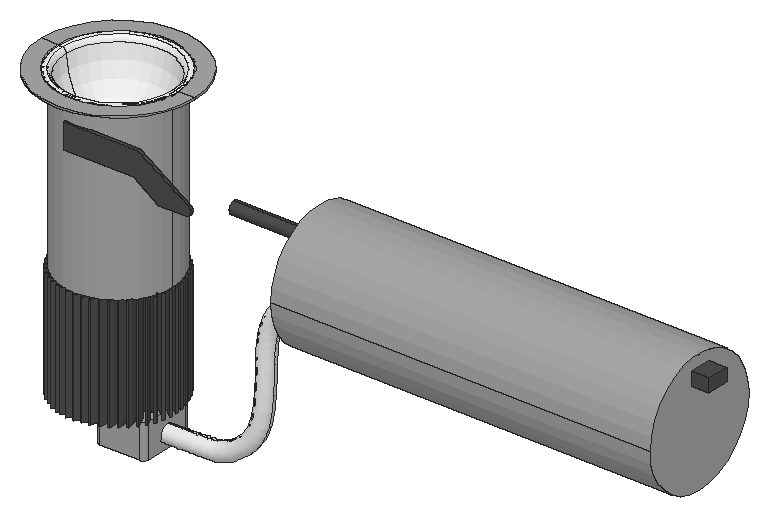
Revit family "D2LED", category Lighting Fixtures, host Face, Revit 2021
Family settings
  Host = Face
  Round Connector Dimension = Use Diameter
  Part Type = Normal
  OmniClass Number = 23.80.70.11
  OmniClass Title = Luminaries for Internal Lighting
  Cut with Voids When Loaded = No
  Light Source = Yes
  Shared = No
  Room Calculation Point = No
Parameters (values of type "D2LED-2D9LED12L30K8FL35")
  Wire = Wire Finish
  Wattage Comments = "22W"
  Wattage = 22 W
  built-in parameter 1150110 = 1 (stored number, unit not read)
  URL = "https://www.currentlighting.com/prescolite"
  built-in parameter 1114217 = 1 (stored number, unit not read)
  Tilt Angle = -90.00°
  built-in parameter 1150109 = 1 (stored number, unit not read)
  built-in parameter 1150134 = (empty or 0)
  built-in parameter 1150113 = 1 (stored number, unit not read)
  Reflector = reflector
  Product Page URL = ""
  Product Documentation Link = ""
  Photometric Web File = "D2LED-2D9LED12L30K8FL35.IES"
  More Photometric Web Link = ""
  Model = "D2LED"  # constant formula
  Manufacturer = "Prescolite"  # constant formula
  built-in parameter 1150105 = 260.05 (stored number, unit not read)
  Lumens = 3267.92 lm
  built-in parameter 1150115 = 1 (stored number, unit not read)
  built-in parameter 1150137 = (empty or 0)
  built-in parameter 1150139 = (empty or 0)
  built-in parameter 1150112 = 1 (stored number, unit not read)
  built-in parameter 1150114 = 1 (stored number, unit not read)
  Lamp = "LED"
  J-TUBE = Aluminium
  Insulation sensor = Black
  built-in parameter 1150132 = (empty or 0)
  built-in parameter 1150102 = (empty or 0)
  built-in parameter 1150107 = 3000 (stored number, unit not read)
  built-in parameter 1150138 = (empty or 0)
  built-in parameter 1150106 = 2.6005 (stored number, unit not read)
  Fixture Retention Spring = Black
  built-in parameter 1150104 = 13.8 (stored number, unit not read)
  Dimming Lamp Color Temperature Shift = <None>
  Description = "2 inch LED Downlight Open & Wall Wash"  # constant formula
  Default Elevation = 48.000"
  Heat Sink = Black
  Color Filter = 16777215
  built-in parameter 1114218 = 1 (stored number, unit not read)
  Backbox = Aluminium
  built-in parameter 1150133 = 10 (stored number, unit not read)
  Apparent Load = 0 VA
Reference planes (in)
  plane 1 "Center (Front/Back)": y = 0.0665
  plane 2: z = 0
  plane 3 "Center (Left/Right)": x = 0.20758
  plane 4: y = 1.6665
  plane 5: x = -7.29242
  plane 6: y = -1.5335
  plane 7: x = 7.70758
  plane 8: z = -7.5
  plane 9: z = -0.5
  plane 10: x = -4.54242
  plane 11: x = -5.66742
  plane 12: z = -5.875
  plane 13: x = -6.10492
  plane 14: x = -5.04319
  plane 15: z = -6.56044
  plane 16: x = 7.32657
  plane 17: x = -0.42343
  plane 18: x = -2.17343
  plane 19: y = 1.1665
  plane 20: y = 1.22201
  plane 21: z = -1.67906
  plane 22: z = -1.23326
  plane 23: z = -1.5
  plane 24: z = -2.25
  plane 25: z = 0.158
Forms (in)
  Extrusion 1, void
    sketch origin (0, 0, 0) x (1, 0, 0) y (0, 1, 0)
      loop
        line (-7.29242, 1.6665) -> (-7.29242, -1.5335) -> (7.70758, -1.5335) -> (7.70758, 1.6665) -> (-7.29242, 1.6665)
    from -0.5 to -7.5
  Extrusion 2, void
    sketch origin (1.13134, 0, 0) x (1, 0, 0) y (0, 1, 0)
      loop
        circle (-5.67376, 0.0665) r 1.4375
    from -0.5 to 0
  Revolve 3, solid, material "Aluminium" <- "Backbox"
    sketch origin (0, 0.0665, 0) x (1, 0, 0) y (0, 0, 1)
      loop
        line (-5.66742, -0.12274) -> (-5.66742, -3.57379) -> (-4.54242, -3.57379) -> (-4.54242, -3.54079) -> (-5.63442, -3.54079) -> (-5.63442, -0.10966)
        arc (-5.63442, -0.10966) -> (-5.6762, -0.00878) -> (-5.77708, 0.033) r 0.14266
        line (-5.77708, 0.033) -> (-6.10492, 0.033) -> (-6.10492, 0) -> (-5.79016, 0)
        arc (-5.79016, 0) -> (-5.70337, -0.03595) -> (-5.66742, -0.12274) r 0.12274
      axis (-4.54242, -3.57379) -> (-4.54242, 0.033)
    angle from 0 to 360
  Extrusion 4, solid, material "Black" <- "Heat Sink"
    sketch origin (0, 0, 0) x (1, 0, 0) y (0, 1, 0)
      loop
        arc (-4.55657, 0.56707) -> (-4.54006, 0.56727) -> (-4.52355, 0.56692) r 0.50077
        arc (-4.52355, 0.56692) -> (-4.47895, 0.92239) -> (-4.25265, 1.20012) r 0.64943
        line (-4.25265, 1.20012) -> (-4.27759, 1.22506)
        arc (-4.27759, 1.22506) -> (-4.5101, 0.93551) -> (-4.55657, 0.56707) r 0.68243
    from -5.875 to -3.57379
  Extrusion 5, solid, material "Black" <- "Heat Sink"
    sketch origin (-9.06176, 0.52865, 0) x (-0.996195, 0.087156, 0) y (-0.087156, -0.996195, 0)
      loop
        arc (-4.55657, 0.56707) -> (-4.54006, 0.56727) -> (-4.52355, 0.56692) r 0.50077
        arc (-4.52355, 0.56692) -> (-4.47895, 0.92239) -> (-4.25265, 1.20012) r 0.64943
        line (-4.25265, 1.20012) -> (-4.27759, 1.22506)
        arc (-4.27759, 1.22506) -> (-4.5101, 0.93551) -> (-4.55657, 0.56707) r 0.68243
    from -5.875 to -3.57379
  Extrusion 6, solid, material "Black" <- "Heat Sink"
    sketch origin (-0.02829, 0.57706, 0) x (0.991913, 0.12692, 0) y (-0.12692, 0.991913, 0)
      loop
        arc (-4.55657, 0.56707) -> (-4.54006, 0.56727) -> (-4.52355, 0.56692) r 0.50077
        arc (-4.52355, 0.56692) -> (-4.47895, 0.92239) -> (-4.25265, 1.20012) r 0.64943
        line (-4.25265, 1.20012) -> (-4.27759, 1.22506)
        arc (-4.27759, 1.22506) -> (-4.5101, 0.93551) -> (-4.55657, 0.56707) r 0.68243
    from -5.875 to -3.57379
  Extrusion 7, solid, material "Black" <- "Heat Sink"
    sketch origin (-0.1296, 1.14587, 0) x (0.967782, 0.251788, 0) y (-0.251788, 0.967782, 0)
      loop
        arc (-4.55657, 0.56707) -> (-4.54006, 0.56727) -> (-4.52355, 0.56692) r 0.50077
        arc (-4.52355, 0.56692) -> (-4.47895, 0.92239) -> (-4.25265, 1.20012) r 0.64943
        line (-4.25265, 1.20012) -> (-4.27759, 1.22506)
        arc (-4.27759, 1.22506) -> (-4.5101, 0.93551) -> (-4.55657, 0.56707) r 0.68243
    from -5.875 to -3.57379
  Extrusion 8, solid, material "Black" <- "Heat Sink"
    sketch origin (-0.30228, 1.69722, 0) x (0.927999, 0.372583, 0) y (-0.372583, 0.927999, 0)
      loop
        arc (-4.55657, 0.56707) -> (-4.54006, 0.56727) -> (-4.52355, 0.56692) r 0.50077
        arc (-4.52355, 0.56692) -> (-4.47895, 0.92239) -> (-4.25265, 1.20012) r 0.64943
        line (-4.25265, 1.20012) -> (-4.27759, 1.22506)
        arc (-4.27759, 1.22506) -> (-4.5101, 0.93551) -> (-4.55657, 0.56707) r 0.68243
    from -5.875 to -3.57379
  Extrusion 9, solid, material "Black" <- "Heat Sink"
    sketch origin (-0.54354, 2.22219, 0) x (0.873206, 0.487352, 0) y (-0.487352, 0.873206, 0)
      loop
        arc (-4.55657, 0.56707) -> (-4.54006, 0.56727) -> (-4.52355, 0.56692) r 0.50077
        arc (-4.52355, 0.56692) -> (-4.47895, 0.92239) -> (-4.25265, 1.20012) r 0.64943
        line (-4.25265, 1.20012) -> (-4.27759, 1.22506)
        arc (-4.27759, 1.22506) -> (-4.5101, 0.93551) -> (-4.55657, 0.56707) r 0.68243
    from -5.875 to -3.57379
  Extrusion 10, solid, material "Black" <- "Heat Sink"
    sketch origin (-0.84948, 2.71229, 0) x (0.804289, 0.594238, 0) y (-0.594238, 0.804289, 0)
      loop
        arc (-4.55657, 0.56707) -> (-4.54006, 0.56727) -> (-4.52355, 0.56692) r 0.50077
        arc (-4.52355, 0.56692) -> (-4.47895, 0.92239) -> (-4.25265, 1.20012) r 0.64943
        line (-4.25265, 1.20012) -> (-4.27759, 1.22506)
        arc (-4.27759, 1.22506) -> (-4.5101, 0.93551) -> (-4.55657, 0.56707) r 0.68243
    from -5.875 to -3.57379
  Extrusion 11, solid, material "Black" <- "Heat Sink"
    sketch origin (-1.21515, 3.15961, 0) x (0.722364, 0.691513, 0) y (-0.691513, 0.722364, 0)
      loop
        arc (-4.55657, 0.56707) -> (-4.54006, 0.56727) -> (-4.52355, 0.56692) r 0.50077
        arc (-4.52355, 0.56692) -> (-4.47895, 0.92239) -> (-4.25265, 1.20012) r 0.64943
        line (-4.25265, 1.20012) -> (-4.27759, 1.22506)
        arc (-4.27759, 1.22506) -> (-4.5101, 0.93551) -> (-4.55657, 0.56707) r 0.68243
    from -5.875 to -3.57379
  Extrusion 12, solid, material "Black" <- "Heat Sink"
    sketch origin (-1.63464, 3.55689, 0) x (0.628755, 0.777603, 0) y (-0.777603, 0.628755, 0)
      loop
        arc (-4.55657, 0.56707) -> (-4.54006, 0.56727) -> (-4.52355, 0.56692) r 0.50077
        arc (-4.52355, 0.56692) -> (-4.47895, 0.92239) -> (-4.25265, 1.20012) r 0.64943
        line (-4.25265, 1.20012) -> (-4.27759, 1.22506)
        arc (-4.27759, 1.22506) -> (-4.5101, 0.93551) -> (-4.55657, 0.56707) r 0.68243
    from -5.875 to -3.57379
  Extrusion 13, solid, material "Black" <- "Heat Sink"
    sketch origin (-2.10115, 3.89772, 0) x (0.524977, 0.851117, 0) y (-0.851117, 0.524977, 0)
      loop
        arc (-4.55657, 0.56707) -> (-4.54006, 0.56727) -> (-4.52355, 0.56692) r 0.50077
        arc (-4.52355, 0.56692) -> (-4.47895, 0.92239) -> (-4.25265, 1.20012) r 0.64943
        line (-4.25265, 1.20012) -> (-4.27759, 1.22506)
        arc (-4.27759, 1.22506) -> (-4.5101, 0.93551) -> (-4.55657, 0.56707) r 0.68243
    from -5.875 to -3.57379
  Extrusion 14, solid, material "Black" <- "Heat Sink"
    sketch origin (-2.60716, 4.17658, 0) x (0.412707, 0.910864, 0) y (-0.910864, 0.412707, 0)
      loop
        arc (-4.55657, 0.56707) -> (-4.54006, 0.56727) -> (-4.52355, 0.56692) r 0.50077
        arc (-4.52355, 0.56692) -> (-4.47895, 0.92239) -> (-4.25265, 1.20012) r 0.64943
        line (-4.25265, 1.20012) -> (-4.27759, 1.22506)
        arc (-4.27759, 1.22506) -> (-4.5101, 0.93551) -> (-4.55657, 0.56707) r 0.68243
    from -5.875 to -3.57379
  Extrusion 15, solid, material "Black" <- "Heat Sink"
    sketch origin (-3.14446, 4.38897, 0) x (0.293762, 0.955879, 0) y (-0.955879, 0.293762, 0)
      loop
        arc (-4.55657, 0.56707) -> (-4.54006, 0.56727) -> (-4.52355, 0.56692) r 0.50077
        arc (-4.52355, 0.56692) -> (-4.47895, 0.92239) -> (-4.25265, 1.20012) r 0.64943
        line (-4.25265, 1.20012) -> (-4.27759, 1.22506)
        arc (-4.27759, 1.22506) -> (-4.5101, 0.93551) -> (-4.55657, 0.56707) r 0.68243
    from -5.875 to -3.57379
  Extrusion 16, solid, material "Black" <- "Heat Sink"
    sketch origin (-3.70437, 4.53144, 0) x (0.170066, 0.985433, 0) y (-0.985433, 0.170066, 0)
      loop
        arc (-4.55657, 0.56707) -> (-4.54006, 0.56727) -> (-4.52355, 0.56692) r 0.50077
        arc (-4.52355, 0.56692) -> (-4.47895, 0.92239) -> (-4.25265, 1.20012) r 0.64943
        line (-4.25265, 1.20012) -> (-4.27759, 1.22506)
        arc (-4.27759, 1.22506) -> (-4.5101, 0.93551) -> (-4.55657, 0.56707) r 0.68243
    from -5.875 to -3.57379
  Extrusion 17, solid, material "Black" <- "Heat Sink"
    sketch origin (-4.27784, 4.6017, 0) x (0.043619, 0.999048, 0) y (-0.999048, 0.043619, 0)
      loop
        arc (-4.55657, 0.56707) -> (-4.54006, 0.56727) -> (-4.52355, 0.56692) r 0.50077
        arc (-4.52355, 0.56692) -> (-4.47895, 0.92239) -> (-4.25265, 1.20012) r 0.64943
        line (-4.25265, 1.20012) -> (-4.27759, 1.22506)
        arc (-4.27759, 1.22506) -> (-4.5101, 0.93551) -> (-4.55657, 0.56707) r 0.68243
    from -5.875 to -3.57379
  Extrusion 18, solid, material "Black" <- "Heat Sink"
    sketch origin (-4.85559, 4.5986, 0) x (-0.083533, 0.996505, 0) y (-0.996505, -0.083533, 0)
      loop
        arc (-4.55657, 0.56707) -> (-4.54006, 0.56727) -> (-4.52355, 0.56692) r 0.50077
        arc (-4.52355, 0.56692) -> (-4.47895, 0.92239) -> (-4.25265, 1.20012) r 0.64943
        line (-4.25265, 1.20012) -> (-4.27759, 1.22506)
        arc (-4.27759, 1.22506) -> (-4.5101, 0.93551) -> (-4.55657, 0.56707) r 0.68243
    from -5.875 to -3.57379
  Extrusion 19, solid, material "Black" <- "Heat Sink"
    sketch origin (-5.42827, 4.5222, 0) x (-0.209334, 0.977844, 0) y (-0.977844, -0.209334, 0)
      loop
        arc (-4.55657, 0.56707) -> (-4.54006, 0.56727) -> (-4.52355, 0.56692) r 0.50077
        arc (-4.52355, 0.56692) -> (-4.47895, 0.92239) -> (-4.25265, 1.20012) r 0.64943
        line (-4.25265, 1.20012) -> (-4.27759, 1.22506)
        arc (-4.27759, 1.22506) -> (-4.5101, 0.93551) -> (-4.55657, 0.56707) r 0.68243
    from -5.875 to -3.57379
  Extrusion 20, solid, material "Black" <- "Heat Sink"
    sketch origin (-5.98663, 4.37373, 0) x (-0.33175, 0.943368, 0) y (-0.943368, -0.33175, 0)
      loop
        arc (-4.55657, 0.56707) -> (-4.54006, 0.56727) -> (-4.52355, 0.56692) r 0.50077
        arc (-4.52355, 0.56692) -> (-4.47895, 0.92239) -> (-4.25265, 1.20012) r 0.64943
        line (-4.25265, 1.20012) -> (-4.27759, 1.22506)
        arc (-4.27759, 1.22506) -> (-4.5101, 0.93551) -> (-4.55657, 0.56707) r 0.68243
    from -5.875 to -3.57379
  Extrusion 21, solid, material "Black" <- "Heat Sink"
    sketch origin (-6.52162, 4.1556, 0) x (-0.448799, 0.893633, 0) y (-0.893633, -0.448799, 0)
      loop
        arc (-4.55657, 0.56707) -> (-4.54006, 0.56727) -> (-4.52355, 0.56692) r 0.50077
        arc (-4.52355, 0.56692) -> (-4.47895, 0.92239) -> (-4.25265, 1.20012) r 0.64943
        line (-4.25265, 1.20012) -> (-4.27759, 1.22506)
        arc (-4.27759, 1.22506) -> (-4.5101, 0.93551) -> (-4.55657, 0.56707) r 0.68243
    from -5.875 to -3.57379
  Extrusion 22, solid, material "Black" <- "Heat Sink"
    sketch origin (-7.02461, 3.87133, 0) x (-0.55859, 0.829444, 0) y (-0.829444, -0.55859, 0)
      loop
        arc (-4.55657, 0.56707) -> (-4.54006, 0.56727) -> (-4.52355, 0.56692) r 0.50077
        arc (-4.52355, 0.56692) -> (-4.47895, 0.92239) -> (-4.25265, 1.20012) r 0.64943
        line (-4.25265, 1.20012) -> (-4.27759, 1.22506)
        arc (-4.27759, 1.22506) -> (-4.5101, 0.93551) -> (-4.55657, 0.56707) r 0.68243
    from -5.875 to -3.57379
  Extrusion 23, solid, material "Black" <- "Heat Sink"
    sketch origin (-7.48744, 3.52552, 0) x (-0.659346, 0.75184, 0) y (-0.75184, -0.659346, 0)
      loop
        arc (-4.55657, 0.56707) -> (-4.54006, 0.56727) -> (-4.52355, 0.56692) r 0.50077
        arc (-4.52355, 0.56692) -> (-4.47895, 0.92239) -> (-4.25265, 1.20012) r 0.64943
        line (-4.25265, 1.20012) -> (-4.27759, 1.22506)
        arc (-4.27759, 1.22506) -> (-4.5101, 0.93551) -> (-4.55657, 0.56707) r 0.68243
    from -5.875 to -3.57379
  Extrusion 24, solid, material "Black" <- "Heat Sink"
    sketch origin (-7.90265, 3.12376, 0) x (-0.749437, 0.662075, 0) y (-0.662075, -0.749437, 0)
      loop
        arc (-4.55657, 0.56707) -> (-4.54006, 0.56727) -> (-4.52355, 0.56692) r 0.50077
        arc (-4.52355, 0.56692) -> (-4.47895, 0.92239) -> (-4.25265, 1.20012) r 0.64943
        line (-4.25265, 1.20012) -> (-4.27759, 1.22506)
        arc (-4.27759, 1.22506) -> (-4.5101, 0.93551) -> (-4.55657, 0.56707) r 0.68243
    from -5.875 to -3.57379
  Extrusion 25, solid, material "Black" <- "Heat Sink"
    sketch origin (-8.2635, 2.67256, 0) x (-0.827407, 0.561602, 0) y (-0.561602, -0.827407, 0)
      loop
        arc (-4.55657, 0.56707) -> (-4.54006, 0.56727) -> (-4.52355, 0.56692) r 0.50077
        arc (-4.52355, 0.56692) -> (-4.47895, 0.92239) -> (-4.25265, 1.20012) r 0.64943
        line (-4.25265, 1.20012) -> (-4.27759, 1.22506)
        arc (-4.27759, 1.22506) -> (-4.5101, 0.93551) -> (-4.55657, 0.56707) r 0.68243
    from -5.875 to -3.57379
  Extrusion 26, solid, material "Black" <- "Heat Sink"
    sketch origin (-8.56417, 2.1792, 0) x (-0.891995, 0.452046, 0) y (-0.452046, -0.891995, 0)
      loop
        arc (-4.55657, 0.56707) -> (-4.54006, 0.56727) -> (-4.52355, 0.56692) r 0.50077
        arc (-4.52355, 0.56692) -> (-4.47895, 0.92239) -> (-4.25265, 1.20012) r 0.64943
        line (-4.25265, 1.20012) -> (-4.27759, 1.22506)
        arc (-4.27759, 1.22506) -> (-4.5101, 0.93551) -> (-4.55657, 0.56707) r 0.68243
    from -5.875 to -3.57379
  Extrusion 27, solid, material "Black" <- "Heat Sink"
    sketch origin (-8.79979, 1.65167, 0) x (-0.942155, 0.335178, 0) y (-0.335178, -0.942155, 0)
      loop
        arc (-4.55657, 0.56707) -> (-4.54006, 0.56727) -> (-4.52355, 0.56692) r 0.50077
        arc (-4.52355, 0.56692) -> (-4.47895, 0.92239) -> (-4.25265, 1.20012) r 0.64943
        line (-4.25265, 1.20012) -> (-4.27759, 1.22506)
        arc (-4.27759, 1.22506) -> (-4.5101, 0.93551) -> (-4.55657, 0.56707) r 0.68243
    from -5.875 to -3.57379
  Extrusion 28, solid, material "Black" <- "Heat Sink"
    sketch origin (-8.96655, 1.09851, 0) x (-0.977077, 0.212888, 0) y (-0.212888, -0.977077, 0)
      loop
        arc (-4.55657, 0.56707) -> (-4.54006, 0.56727) -> (-4.52355, 0.56692) r 0.50077
        arc (-4.52355, 0.56692) -> (-4.47895, 0.92239) -> (-4.25265, 1.20012) r 0.64943
        line (-4.25265, 1.20012) -> (-4.27759, 1.22506)
        arc (-4.27759, 1.22506) -> (-4.5101, 0.93551) -> (-4.55657, 0.56707) r 0.68243
    from -5.875 to -3.57379
  Extrusion 29, solid, material "Black" <- "Heat Sink"
    sketch origin (-9.08484, 0.133, 0) x (-1, 0, 0) y (0, -1, 0)
      loop
        arc (-4.55657, 0.56707) -> (-4.54006, 0.56727) -> (-4.52355, 0.56692) r 0.50077
        arc (-4.52355, 0.56692) -> (-4.47895, 0.92239) -> (-4.25265, 1.20012) r 0.64943
        line (-4.25265, 1.20012) -> (-4.27759, 1.22506)
        arc (-4.27759, 1.22506) -> (-4.5101, 0.93551) -> (-4.55657, 0.56707) r 0.68243
    from -5.875 to -3.57379
  Extrusion 30, solid, material "Black" <- "Heat Sink"
    sketch origin (-0.04754, -0.59234, 0) x (0.991445, -0.130526, 0) y (0.130526, 0.991445, 0)
      loop
        arc (-4.55657, 0.56707) -> (-4.54006, 0.56727) -> (-4.52355, 0.56692) r 0.50077
        arc (-4.52355, 0.56692) -> (-4.47895, 0.92239) -> (-4.25265, 1.20012) r 0.64943
        line (-4.25265, 1.20012) -> (-4.27759, 1.22506)
        arc (-4.27759, 1.22506) -> (-4.5101, 0.93551) -> (-4.55657, 0.56707) r 0.68243
    from -5.875 to -3.57379
  Extrusion 31, solid, material "Black" <- "Heat Sink"
    sketch origin (-0.17199, -1.1734, 0) x (0.965926, -0.258819, 0) y (0.258819, 0.965926, 0)
      loop
        arc (-4.55657, 0.56707) -> (-4.54006, 0.56727) -> (-4.52355, 0.56692) r 0.50077
        arc (-4.52355, 0.56692) -> (-4.47895, 0.92239) -> (-4.25265, 1.20012) r 0.64943
        line (-4.25265, 1.20012) -> (-4.27759, 1.22506)
        arc (-4.27759, 1.22506) -> (-4.5101, 0.93551) -> (-4.55657, 0.56707) r 0.68243
    from -5.875 to -3.57379
  Extrusion 32, solid, material "Black" <- "Heat Sink"
    sketch origin (-0.37122, -1.73325, 0) x (0.92388, -0.382683, 0) y (0.382683, 0.92388, 0)
      loop
        arc (-4.55657, 0.56707) -> (-4.54006, 0.56727) -> (-4.52355, 0.56692) r 0.50077
        arc (-4.52355, 0.56692) -> (-4.47895, 0.92239) -> (-4.25265, 1.20012) r 0.64943
        line (-4.25265, 1.20012) -> (-4.27759, 1.22506)
        arc (-4.27759, 1.22506) -> (-4.5101, 0.93551) -> (-4.55657, 0.56707) r 0.68243
    from -5.875 to -3.57379
  Extrusion 33, solid, material "Black" <- "Heat Sink"
    sketch origin (-0.64182, -2.2623, 0) x (0.866025, -0.5, 0) y (0.5, 0.866025, 0)
      loop
        arc (-4.55657, 0.56707) -> (-4.54006, 0.56727) -> (-4.52355, 0.56692) r 0.50077
        arc (-4.52355, 0.56692) -> (-4.47895, 0.92239) -> (-4.25265, 1.20012) r 0.64943
        line (-4.25265, 1.20012) -> (-4.27759, 1.22506)
        arc (-4.27759, 1.22506) -> (-4.5101, 0.93551) -> (-4.55657, 0.56707) r 0.68243
    from -5.875 to -3.57379
  Extrusion 34, solid, material "Black" <- "Heat Sink"
    sketch origin (-0.97916, -2.75151, 0) x (0.793353, -0.608761, 0) y (0.608761, 0.793353, 0)
      loop
        arc (-4.55657, 0.56707) -> (-4.54006, 0.56727) -> (-4.52355, 0.56692) r 0.50077
        arc (-4.52355, 0.56692) -> (-4.47895, 0.92239) -> (-4.25265, 1.20012) r 0.64943
        line (-4.25265, 1.20012) -> (-4.27759, 1.22506)
        arc (-4.27759, 1.22506) -> (-4.5101, 0.93551) -> (-4.55657, 0.56707) r 0.68243
    from -5.875 to -3.57379
  Extrusion 35, solid, material "Black" <- "Heat Sink"
    sketch origin (-1.37747, -3.1925, 0) x (0.707107, -0.707107, 0) y (0.707107, 0.707107, 0)
      loop
        arc (-4.55657, 0.56707) -> (-4.54006, 0.56727) -> (-4.52355, 0.56692) r 0.50077
        arc (-4.52355, 0.56692) -> (-4.47895, 0.92239) -> (-4.25265, 1.20012) r 0.64943
        line (-4.25265, 1.20012) -> (-4.27759, 1.22506)
        arc (-4.27759, 1.22506) -> (-4.5101, 0.93551) -> (-4.55657, 0.56707) r 0.68243
    from -5.875 to -3.57379
  Extrusion 36, solid, material "Black" <- "Heat Sink"
    sketch origin (-1.82993, -3.57772, 0) x (0.608761, -0.793353, 0) y (0.793353, 0.608761, 0)
      loop
        arc (-4.55657, 0.56707) -> (-4.54006, 0.56727) -> (-4.52355, 0.56692) r 0.50077
        arc (-4.52355, 0.56692) -> (-4.47895, 0.92239) -> (-4.25265, 1.20012) r 0.64943
        line (-4.25265, 1.20012) -> (-4.27759, 1.22506)
        arc (-4.27759, 1.22506) -> (-4.5101, 0.93551) -> (-4.55657, 0.56707) r 0.68243
    from -5.875 to -3.57379
  Extrusion 37, solid, material "Black" <- "Heat Sink"
    sketch origin (-2.3288, -3.9006, 0) x (0.5, -0.866025, 0) y (0.866025, 0.5, 0)
      loop
        arc (-4.55657, 0.56707) -> (-4.54006, 0.56727) -> (-4.52355, 0.56692) r 0.50077
        arc (-4.52355, 0.56692) -> (-4.47895, 0.92239) -> (-4.25265, 1.20012) r 0.64943
        line (-4.25265, 1.20012) -> (-4.27759, 1.22506)
        arc (-4.27759, 1.22506) -> (-4.5101, 0.93551) -> (-4.55657, 0.56707) r 0.68243
    from -5.875 to -3.57379
  Extrusion 38, solid, material "Black" <- "Heat Sink"
    sketch origin (-2.86555, -4.15559, 0) x (0.382683, -0.92388, 0) y (0.92388, 0.382683, 0)
      loop
        arc (-4.55657, 0.56707) -> (-4.54006, 0.56727) -> (-4.52355, 0.56692) r 0.50077
        arc (-4.52355, 0.56692) -> (-4.47895, 0.92239) -> (-4.25265, 1.20012) r 0.64943
        line (-4.25265, 1.20012) -> (-4.27759, 1.22506)
        arc (-4.27759, 1.22506) -> (-4.5101, 0.93551) -> (-4.55657, 0.56707) r 0.68243
    from -5.875 to -3.57379
  Extrusion 39, solid, material "Black" <- "Heat Sink"
    sketch origin (-3.43099, -4.33835, 0) x (0.258819, -0.965926, 0) y (0.965926, 0.258819, 0)
      loop
        arc (-4.55657, 0.56707) -> (-4.54006, 0.56727) -> (-4.52355, 0.56692) r 0.50077
        arc (-4.52355, 0.56692) -> (-4.47895, 0.92239) -> (-4.25265, 1.20012) r 0.64943
        line (-4.25265, 1.20012) -> (-4.27759, 1.22506)
        arc (-4.27759, 1.22506) -> (-4.5101, 0.93551) -> (-4.55657, 0.56707) r 0.68243
    from -5.875 to -3.57379
  Extrusion 40, solid, material "Black" <- "Heat Sink"
    sketch origin (-4.01545, -4.44574, 0) x (0.130526, -0.991445, 0) y (0.991445, 0.130526, 0)
      loop
        arc (-4.55657, 0.56707) -> (-4.54006, 0.56727) -> (-4.52355, 0.56692) r 0.50077
        arc (-4.52355, 0.56692) -> (-4.47895, 0.92239) -> (-4.25265, 1.20012) r 0.64943
        line (-4.25265, 1.20012) -> (-4.27759, 1.22506)
        arc (-4.27759, 1.22506) -> (-4.5101, 0.93551) -> (-4.55657, 0.56707) r 0.68243
    from -5.875 to -3.57379
  Extrusion 41, solid, material "Black" <- "Heat Sink"
    sketch origin (-4.60892, -4.47592, 0) x (0, -1, 0) y (1, 0, 0)
      loop
        arc (-4.55657, 0.56707) -> (-4.54006, 0.56727) -> (-4.52355, 0.56692) r 0.50077
        arc (-4.52355, 0.56692) -> (-4.47895, 0.92239) -> (-4.25265, 1.20012) r 0.64943
        line (-4.25265, 1.20012) -> (-4.27759, 1.22506)
        arc (-4.27759, 1.22506) -> (-4.5101, 0.93551) -> (-4.55657, 0.56707) r 0.68243
    from -5.875 to -3.57379
  Extrusion 42, solid, material "Black" <- "Heat Sink"
    sketch origin (-5.20126, -4.42837, 0) x (-0.130526, -0.991445, 0) y (0.991445, -0.130526, 0)
      loop
        arc (-4.55657, 0.56707) -> (-4.54006, 0.56727) -> (-4.52355, 0.56692) r 0.50077
        arc (-4.52355, 0.56692) -> (-4.47895, 0.92239) -> (-4.25265, 1.20012) r 0.64943
        line (-4.25265, 1.20012) -> (-4.27759, 1.22506)
        arc (-4.27759, 1.22506) -> (-4.5101, 0.93551) -> (-4.55657, 0.56707) r 0.68243
    from -5.875 to -3.57379
  Extrusion 43, solid, material "Black" <- "Heat Sink"
    sketch origin (-5.78232, -4.30392, 0) x (-0.258819, -0.965926, 0) y (0.965926, -0.258819, 0)
      loop
        arc (-4.55657, 0.56707) -> (-4.54006, 0.56727) -> (-4.52355, 0.56692) r 0.50077
        arc (-4.52355, 0.56692) -> (-4.47895, 0.92239) -> (-4.25265, 1.20012) r 0.64943
        line (-4.25265, 1.20012) -> (-4.27759, 1.22506)
        arc (-4.27759, 1.22506) -> (-4.5101, 0.93551) -> (-4.55657, 0.56707) r 0.68243
    from -5.875 to -3.57379
  Extrusion 44, solid, material "Black" <- "Heat Sink"
    sketch origin (-6.34217, -4.1047, 0) x (-0.382683, -0.92388, 0) y (0.92388, -0.382683, 0)
      loop
        arc (-4.55657, 0.56707) -> (-4.54006, 0.56727) -> (-4.52355, 0.56692) r 0.50077
        arc (-4.52355, 0.56692) -> (-4.47895, 0.92239) -> (-4.25265, 1.20012) r 0.64943
        line (-4.25265, 1.20012) -> (-4.27759, 1.22506)
        arc (-4.27759, 1.22506) -> (-4.5101, 0.93551) -> (-4.55657, 0.56707) r 0.68243
    from -5.875 to -3.57379
  Extrusion 45, solid, material "Black" <- "Heat Sink"
    sketch origin (-6.87122, -3.8341, 0) x (-0.5, -0.866025, 0) y (0.866025, -0.5, 0)
      loop
        arc (-4.55657, 0.56707) -> (-4.54006, 0.56727) -> (-4.52355, 0.56692) r 0.50077
        arc (-4.52355, 0.56692) -> (-4.47895, 0.92239) -> (-4.25265, 1.20012) r 0.64943
        line (-4.25265, 1.20012) -> (-4.27759, 1.22506)
        arc (-4.27759, 1.22506) -> (-4.5101, 0.93551) -> (-4.55657, 0.56707) r 0.68243
    from -5.875 to -3.57379
  Extrusion 46, solid, material "Black" <- "Heat Sink"
    sketch origin (-7.36043, -3.49676, 0) x (-0.608761, -0.793353, 0) y (0.793353, -0.608761, 0)
      loop
        arc (-4.55657, 0.56707) -> (-4.54006, 0.56727) -> (-4.52355, 0.56692) r 0.50077
        arc (-4.52355, 0.56692) -> (-4.47895, 0.92239) -> (-4.25265, 1.20012) r 0.64943
        line (-4.25265, 1.20012) -> (-4.27759, 1.22506)
        arc (-4.27759, 1.22506) -> (-4.5101, 0.93551) -> (-4.55657, 0.56707) r 0.68243
    from -5.875 to -3.57379
  Extrusion 47, solid, material "Black" <- "Heat Sink"
    sketch origin (-7.80142, -3.09845, 0) x (-0.707107, -0.707107, 0) y (0.707107, -0.707107, 0)
      loop
        arc (-4.55657, 0.56707) -> (-4.54006, 0.56727) -> (-4.52355, 0.56692) r 0.50077
        arc (-4.52355, 0.56692) -> (-4.47895, 0.92239) -> (-4.25265, 1.20012) r 0.64943
        line (-4.25265, 1.20012) -> (-4.27759, 1.22506)
        arc (-4.27759, 1.22506) -> (-4.5101, 0.93551) -> (-4.55657, 0.56707) r 0.68243
    from -5.875 to -3.57379
  Extrusion 48, solid, material "Black" <- "Heat Sink"
    sketch origin (-8.18665, -2.64599, 0) x (-0.793353, -0.608761, 0) y (0.608761, -0.793353, 0)
      loop
        arc (-4.55657, 0.56707) -> (-4.54006, 0.56727) -> (-4.52355, 0.56692) r 0.50077
        arc (-4.52355, 0.56692) -> (-4.47895, 0.92239) -> (-4.25265, 1.20012) r 0.64943
        line (-4.25265, 1.20012) -> (-4.27759, 1.22506)
        arc (-4.27759, 1.22506) -> (-4.5101, 0.93551) -> (-4.55657, 0.56707) r 0.68243
    from -5.875 to -3.57379
  Extrusion 49, solid, material "Black" <- "Heat Sink"
    sketch origin (-8.50952, -2.14711, 0) x (-0.866025, -0.5, 0) y (0.5, -0.866025, 0)
      loop
        arc (-4.55657, 0.56707) -> (-4.54006, 0.56727) -> (-4.52355, 0.56692) r 0.50077
        arc (-4.52355, 0.56692) -> (-4.47895, 0.92239) -> (-4.25265, 1.20012) r 0.64943
        line (-4.25265, 1.20012) -> (-4.27759, 1.22506)
        arc (-4.27759, 1.22506) -> (-4.5101, 0.93551) -> (-4.55657, 0.56707) r 0.68243
    from -5.875 to -3.57379
  Extrusion 50, solid, material "Black" <- "Heat Sink"
    sketch origin (-8.76452, -1.61037, 0) x (-0.92388, -0.382683, 0) y (0.382683, -0.92388, 0)
      loop
        arc (-4.55657, 0.56707) -> (-4.54006, 0.56727) -> (-4.52355, 0.56692) r 0.50077
        arc (-4.52355, 0.56692) -> (-4.47895, 0.92239) -> (-4.25265, 1.20012) r 0.64943
        line (-4.25265, 1.20012) -> (-4.27759, 1.22506)
        arc (-4.27759, 1.22506) -> (-4.5101, 0.93551) -> (-4.55657, 0.56707) r 0.68243
    from -5.875 to -3.57379
  Extrusion 51, solid, material "Black" <- "Heat Sink"
    sketch origin (-8.94727, -1.04493, 0) x (-0.965926, -0.258819, 0) y (0.258819, -0.965926, 0)
      loop
        arc (-4.55657, 0.56707) -> (-4.54006, 0.56727) -> (-4.52355, 0.56692) r 0.50077
        arc (-4.52355, 0.56692) -> (-4.47895, 0.92239) -> (-4.25265, 1.20012) r 0.64943
        line (-4.25265, 1.20012) -> (-4.27759, 1.22506)
        arc (-4.27759, 1.22506) -> (-4.5101, 0.93551) -> (-4.55657, 0.56707) r 0.68243
    from -5.875 to -3.57379
  Extrusion 52, solid, material "Black" <- "Heat Sink"
    sketch origin (-9.05466, -0.46047, 0) x (-0.991445, -0.130526, 0) y (0.130526, -0.991445, 0)
      loop
        arc (-4.55657, 0.56707) -> (-4.54006, 0.56727) -> (-4.52355, 0.56692) r 0.50077
        arc (-4.52355, 0.56692) -> (-4.47895, 0.92239) -> (-4.25265, 1.20012) r 0.64943
        line (-4.25265, 1.20012) -> (-4.27759, 1.22506)
        arc (-4.27759, 1.22506) -> (-4.5101, 0.93551) -> (-4.55657, 0.56707) r 0.68243
    from -5.875 to -3.57379
  Extrusion 53, solid
    sketch origin (0, 0, 0) x (1, 0, 0) y (0, 1, 0)
      loop
        circle (-4.54242, 0.0665) r 0.5
      loop
        circle (-4.54242, 0.0665) r 0.47915
    from -5.875 to -3.57379
  Extrusion 54, solid, material "Aluminium" <- "Backbox"
    sketch origin (0, 0, 0) x (1, 0, 0) y (0, 1, 0)
      loop
        arc (-4.44242, 0.64112) -> (-4.51313, 0.61183) -> (-4.54242, 0.54112) r 0.1
        line (-4.54242, 0.54112) -> (-4.54242, -0.40945)
        arc (-4.54242, -0.40945) -> (-4.51313, -0.48016) -> (-4.44242, -0.50945) r 0.1
        line (-4.44242, -0.50945) -> (-3.63594, -0.50945)
        arc (-3.63594, -0.50945) -> (-3.56522, -0.48016) -> (-3.53594, -0.40945) r 0.1
        line (-3.53594, -0.40945) -> (-3.53594, 0.54112)
        arc (-3.53594, 0.54112) -> (-3.56522, 0.61183) -> (-3.63594, 0.64112) r 0.1
        line (-3.63594, 0.64112) -> (-4.44242, 0.64112)
    from -5.875 to -6.56044
  Extrusion 55, solid, material "Aluminium" <- "J-TUBE"
    sketch origin (0.20758, 0, 0) x (0, 1, 0) y (0, 0, 1)
      loop
        circle (0.0665, -2.26258) r 1.25
    from -0.63101 to 7.11899
  Extrusion 56, solid, material "Black" <- "Fixture Retention Spring"
    sketch origin (0, 0.0665, 0) x (1, 0, 0) y (0, 0, -1)
      loop
        line (-4.73133, 0.49762) -> (-3.21278, 0.49762) -> (-2.17702, 1.17025)
        arc (-2.17702, 1.17025) -> (-2.13694, 1.27888) -> (-2.22972, 1.34816) r 0.09676
        line (-2.22972, 1.34816) -> (-2.77511, 1.34816) -> (-3.29242, 1.01222) -> (-4.73133, 1.01222) -> (-4.73133, 0.49762)
    from -1.15551 to -1.1
  Extrusion 57, solid, material "Black" <- "Fixture Retention Spring"
    sketch origin (-9.08484, 0.0665, 0) x (-1, 0, 0) y (0, 0, -1)
      loop
        line (-4.73133, 0.49762) -> (-3.21278, 0.49762) -> (-2.17702, 1.17025)
        arc (-2.17702, 1.17025) -> (-2.13694, 1.27888) -> (-2.22972, 1.34816) r 0.09676
        line (-2.22972, 1.34816) -> (-2.77511, 1.34816) -> (-3.29242, 1.01222) -> (-4.73133, 1.01222) -> (-4.73133, 0.49762)
    from -1.15551 to -1.1
  Sweep 58, solid, material "Wire Finish" <- "Wire"
    path origin (0, 0.0665, 0) x (1, 0, 0) y (0, 0, 1)
      loop
        spline (-0.42343, -3) -> (-1.13661, -3.17338) -> (-1.40214, -3.53933) -> (-1.49124, -3.93673) -> (-1.51236, -4.32859) -> (-1.52586, -4.71189) -> (-1.55679, -5.10707) -> (-1.6464, -5.50563) -> (-1.85828, -5.86047) -> (-2.18627, -6.1216) -> (-2.50388, -6.24208) -> (-2.84329, -6.26243) -> (-3.58503, -6.27393)
    profile origin (-1.55679, 0.0665, -5.10707) x (0.992413, 0, -0.122952) y (0, -1, 0)
      loop
        circle (0, 0) r 0.17
      loop
        circle (0, 0) r 0.15
  Revolve 59, solid, material "Black" <- "Insulation sensor"
    sketch origin (0, 0.0665, 0) x (1, 0, 0) y (0, 0, 1)
      loop
        line (-0.44904, -1.30198) -> (-0.62522, -1.51195)
        arc (-0.62522, -1.51195) -> (-0.66938, -1.54583) -> (-0.72373, -1.55788) r 0.1286
        line (-0.72373, -1.55788) -> (-2.17343, -1.55788) -> (-2.17343, -1.67906) -> (-0.42343, -1.67906) -> (-0.42343, -1.3113)
        arc (-0.42343, -1.3113) -> (-0.43297, -1.29767) -> (-0.44904, -1.30198) r 0.0145
      axis (-0.42343, -1.67906) -> (-2.17343, -1.67906)
    angle from 0 to 360
  Extrusion 60, solid, material "Black" <- "Insulation sensor"
    sketch origin (0.20758, 0, 0) x (0, 1, 0) y (0, 0, 1)
      loop
        line (0.28983, -1.23326) -> (-0.15683, -1.23326) -> (-0.15683, -1.5) -> (0.28983, -1.5) -> (0.28983, -1.23326)
    from 7.11899 to 7.5
  Revolve 61, solid, material "reflector" <- "Reflector"
    sketch origin (0, 0.0665, 0) x (1, 0, 0) y (0, 0, 1)
      loop
        line (-4.60548, -1.5351) -> (-4.54242, -1.5351) -> (-4.54242, -1.50434) -> (-4.59354, -1.50434)
        arc (-4.59354, -1.50434) -> (-5.31403, -0.94226) -> (-5.60458, -0.07588) r 1.58532
        arc (-5.60458, -0.07588) -> (-5.62836, -0.01496) -> (-5.67283, 0.033) r 0.17521
        line (-5.67283, 0.033) -> (-5.75837, 0.033)
        arc (-5.75837, 0.033) -> (-5.6799, -0.00394) -> (-5.63748, -0.07959) r 0.14221
        arc (-5.63748, -0.07959) -> (-5.34019, -0.96242) -> (-4.60548, -1.5351) r 1.61832
      axis (-4.54242, -1.5351) -> (-4.54242, 0.033)
    angle from 0 to 360
Dimensions and locks (in)
  locked: plane 4 to plane 1 "Center (Front/Back)" at 1.6
  locked: plane 6 to plane 1 "Center (Front/Back)" at 1.6
  locked: plane 5 to plane 3 "Center (Left/Right)" at 7.5
  locked: plane 7 to plane 3 "Center (Left/Right)" at 7.5
  plane 8 to plane 9 to plane 2 = 7.000" locked, 0.500" locked
  locked: plane 10 to Extrusion 2 sketch curve at 0
  plane 5 to plane 11 to plane 10 = 1.625" locked, 1.125" locked
  locked: host face to plane 12 at 5.875
  locked: plane 10 to plane 13 at 1.5625
  locked: plane 17 to plane 16 at 7.75
  plane 3 "Center (Left/Right)" to plane 17 to plane 18 = 0.63101", 1.750"
  locked: plane 25 to plane 2 at 0.158
  aligned and locked: plane 2 to host face
  aligned and locked: Extrusion 1 sketch curve to plane 4
  aligned and locked: plane 5 to Extrusion 1 sketch curve
  aligned and locked: Extrusion 1 sketch curve to plane 6
  aligned and locked: plane 7 to Extrusion 1 sketch curve
  aligned and locked: host face to Extrusion 2
  aligned and locked: plane 10 to Revolve 3 sketch curve
  aligned and locked: Revolve 3 sketch curve to plane 13
  aligned and locked: Extrusion 4 to Revolve 3
  aligned and locked: Extrusion 53 to Revolve 3
  aligned and locked: Extrusion 54 to plane 15
  aligned and locked: plane 16 to Extrusion 55
  aligned and locked: Extrusion 56 to Extrusion 57
  aligned and locked: plane 21 to Revolve 59 sketch curve
  aligned and locked: Revolve 59 sketch curve to plane 17
  aligned and locked: Revolve 59 sketch curve to plane 21
  aligned and locked: Revolve 59 sketch curve to plane 18
  aligned and locked: Extrusion 60 to Extrusion 55
  aligned and locked: plane 22 to Extrusion 60
  aligned and locked: Extrusion 60 to plane 23
  aligned and locked: plane 10 to imposter light
  aligned and locked: Revolve 61 sketch curve to Revolve 3
  aligned and locked: plane 10 to Revolve 61 sketch curve
  aligned and locked: plane 17 to Extrusion 55
Connectors (in)
  electrical at (7.32657, 0.0665, -2.26258), driven by "Apparent Load", driven by "Description"
    settings: on Extrusion 55, index 1, voltage 120 V, apparent load 0 VA, apparent load phase1 0 VA, apparent load phase2 0 VA, apparent load phase3 0 VA, power factor 1, load classification "Other", number of poles 1, system type 30, power factor state 1, is connector primary yes, connector utility no, sub classification motor no, connector description "2 inch LED Downlight Open & Wall Wash"
